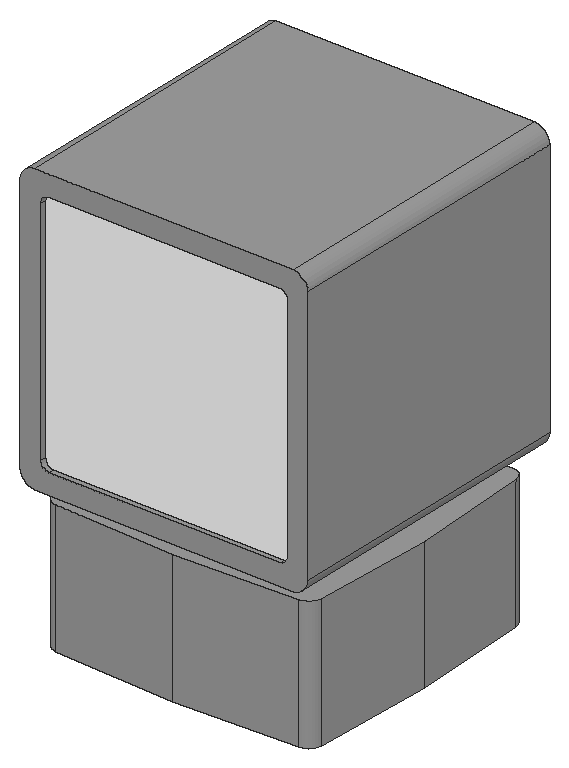
Revit family "3081085", category Lighting Fixtures, host Face, Revit 2018
Family settings
  Host = Face
  Round Connector Dimension = Use Diameter
  Part Type = Normal
  Cut with Voids When Loaded = No
  Light Source = Yes
  Shared = No
  Room Calculation Point = No
Parameters (values of type "3081085 INVERTO DIRECT WW EB BLACK")
  Weight = "n/a"
  Wattage Comments = "n/a"
  Wattage = 16 W
  WarrantyStartDate [instance] = "n/a"
  WarrantyGuarantorParts = "n/a"
  WarrantyDurationUnit = "n/a"
  WarrantyDurationParts = ""
  WarrantyDescription = "http://www.sylvania-lighting.com"
  built-in parameter 1150110 = 1 (stored number, unit not read)
  Voltage = 230 V
  URL = "0.95"
  TypeName = "Inverto Direct WW EB BLACK"
  Type Image = <None>
  Type Comments = "n/a"
  built-in parameter 1114217 = 1 (stored number, unit not read)
  Tilt Angle = -90.00°
  built-in parameter 1150109 = 1 (stored number, unit not read)
  built-in parameter 1150134 = 12
  built-in parameter 1150113 = 1 (stored number, unit not read)
  SerialNumber [instance] = "n/a"
  PowerFactor = 0
  PowerConsumption = "Lighting"
  Photometric Web File = "3081085.ies"
  NominalLength = 110 mm
  NominalHeight = 110 mm
  NominalDepth = 110 mm
  Name = "Inverto Direct WW EB BLACK"
  ModelReference = "Inverto Direct WW EB BLACK"
  ModelNumber = "3081085"
  Model = "Inverto Direct WW EB BLACK"
  Material = "Feilo Sylvania"
  ManufacturerName = "98 lm/W"
  Manufacturer = ""
  LuminousEfficacy = ""
  built-in parameter 1150105 = 129.87 (stored number, unit not read)
  Lumens = 1632 lm
  LuminaireType = "0"
  built-in parameter 1150115 = 1 (stored number, unit not read)
  LightOutputRatio = "LED"
  built-in parameter 1150137 = (empty or 0)
  built-in parameter 1150139 = (empty or 0)
  LampsType = Lamp  # "n/a"
  LampNominalLuminous = "3000 K"
  LampMacAdamStep = "80"
  LampColourTemperature = "LED"
  LampColourRenderingIndex = "16500"
  built-in parameter 1150112 = 1 (stored number, unit not read)
  built-in parameter 1150114 = 1 (stored number, unit not read)
  Lamp = "n/a"
  Keynote = "n/a"
  InstallationDate [instance] = "n/a"
  InputVoltage = "0"
  InputNominalFrequency = "3000"
  built-in parameter 1150132 = 2
  built-in parameter 1150102 = (empty or 0)
  built-in parameter 1150107 = 4000 (stored number, unit not read)
  built-in parameter 1150138 = (empty or 0)
  IngressProtection = "IfcLightFixtureType"
  ImpactProtectionIndex = "IfcLightFixtureType"
  built-in parameter 1150106 = 1.2987 (stored number, unit not read)
  IfcExportType = "IfcLightFixtureType"
  IfcExportAs = "Class II"
  Housing material = Default
  ExpectedLife = 50000
  Emit from Rectangle Width = 90 mm
  Emit from Rectangle Length = 90 mm
  Emit Shape Visible in Rendering = no
  ElectricShockClassification = "98"
  built-in parameter 1150104 = 9.4761 (stored number, unit not read)
  DurationUnit = "hours"
  DocumentationLiterature = "http://www.sylvania-lighting.com/product/en-int/products/3081085"
  DimmingControlOptions = "n/a"
  Dimming Lamp Color Temperature Shift = <None>
  Description = "Surface Wall mounted luminaire, wire to base with pluggable connection for easy installation,  suitable for looping, black coloured aluminium housing, 1,566lm, 16W, 98lm/W, 3000K, 350mA , CRI:80,  40° beam Angle, non-dimmable, IP65, IK07, lifespan: 60,000hrs (L80:B20),  162 x 110 x 110 mm."
  Default Elevation = 1219.2 mm
  CreatedOn = "23/03/2022"
  CreatedBy = "@sylvania-lighting.com"
  Cost = 0
  Color Filter = 16777215
  built-in parameter 1114216 [instance] = (empty or 0)
  Calculate Coefficient of Utilization = no
  BarCode [instance] = "n/a"
  built-in parameter 1114218 = 1 (stored number, unit not read)
  built-in parameter 1150133 = 10 (stored number, unit not read)
  AssetType = "Fixed"
  AssetIdentifier [instance] = "n/a"
  Assembly Code = "D5020200"
  Apparent Load = 16 VA
Reference planes
  plane 1 "Center (Front/Back)": y = 0
  plane 2: z = 0
  plane 3 "Center (Left/Right)": x = 0
  plane 4: x = 51
  plane 5: x = -51
  plane 6: y = -51
  plane 7: y = 51
  plane 8: x = -55
  plane 9: x = 55
  plane 10: y = 55
  plane 11: y = -55
  plane 12: z = 48
  plane 13: z = 162
  plane 14: z = 52
  plane 15: y = -40
  plane 16: y = 40
  plane 17: x = -40
  plane 18: x = 40
  plane 19: z = 62
  plane 20: z = 152
  plane 21: x = -45
  plane 22: x = 45
  plane 23: y = 48.5
  plane 24: x = -48.5
  plane 25: x = 48.5
  plane 26: y = -48.5
  plane 27: z = 107
  plane 28: z = 159
  plane 29: x = -52
  plane 30: z = 55
  plane 31: x = 52
Forms (mm)
  Extrusion 1, solid, material "Default", detail levels medium+fine
    sketch origin (0, 0, 0) x (0, 1, 0) y (0, 0, 1)
      loop
        line (-51, 48) -> (-51, 0) -> (51, 0) -> (51, 48) -> (-51, 48)
    from -51 to 51
  Extrusion 2, solid, material "Default", detail levels medium+fine
    sketch origin (0, 0, 0) x (0, 1, 0) y (0, 0, 1)
      loop
        line (-40, 48) -> (40, 48) -> (40, 55) -> (-40, 55) -> (-40, 48)
    from -40 to 40
  Extrusion 3, void, detail levels medium+fine
    sketch origin (0, 0, 0) x (1, 0, 0) y (0, 1, 0)
      loop
        arc (-44.399, 48.906) -> (-22.224, 50.476) -> (0, 51) r 471.7
        line (0, 51) -> (-51, 51) -> (-51, 0)
        arc (-51, 0) -> (-50.476, 22.224) -> (-48.906, 44.399) r 471.7
        arc (-48.906, 44.399) -> (-47.464, 47.464) -> (-44.399, 48.906) r 5
    from 0 to 48
  Extrusion 4, void, detail levels medium+fine
    sketch origin (0, 0, 0) x (-1, 0, 0) y (0, -1, 0)
      loop
        arc (-44.399, -48.906) -> (-47.464, -47.464) -> (-48.906, -44.399) r 5
        arc (-48.906, -44.399) -> (-50.476, -22.224) -> (-51, 0) r 471.7
        line (-51, 0) -> (-51, -51) -> (0, -51)
        arc (0, -51) -> (-22.224, -50.476) -> (-44.399, -48.906) r 471.7
    from 0 to 48
  Extrusion 5, void, detail levels medium+fine
    sketch origin (0, 0, 0) x (1, 0, 0) y (0, 1, 0)
      loop
        arc (-44.399, -48.906) -> (-47.464, -47.464) -> (-48.906, -44.399) r 5
        arc (-48.906, -44.399) -> (-50.476, -22.224) -> (-51, 0) r 471.7
        line (-51, 0) -> (-51, -51) -> (0, -51)
        arc (0, -51) -> (-22.224, -50.476) -> (-44.399, -48.906) r 471.7
    from 0 to 48
  Extrusion 6, void, detail levels medium+fine
    sketch origin (0, 0, 0) x (-1, 0, 0) y (0, -1, 0)
      loop
        arc (-44.399, 48.906) -> (-22.224, 50.476) -> (0, 51) r 471.7
        line (0, 51) -> (-51, 51) -> (-51, 0)
        arc (-51, 0) -> (-50.476, 22.224) -> (-48.906, 44.399) r 471.7
        arc (-48.906, 44.399) -> (-47.464, 47.464) -> (-44.399, 48.906) r 5
    from 0 to 48
  Extrusion 7, solid, material "Default", detail levels medium+fine
    sketch origin (0, 0, 0) x (1, 0, 0) y (0, 0, 1)
      loop
        arc (-47.19, 159.531) -> (-50.806, 157.806) -> (-52.531, 154.19) r 6
        arc (-52.531, 154.19) -> (-55, 107) -> (-52.531, 59.81) r 452.167
        arc (-52.531, 59.81) -> (-50.806, 56.194) -> (-47.19, 54.469) r 6
        arc (-47.19, 54.469) -> (0, 52) -> (47.19, 54.469) r 452.167
        arc (47.19, 54.469) -> (50.806, 56.194) -> (52.531, 59.81) r 6
        arc (52.531, 59.81) -> (55, 107) -> (52.531, 154.19) r 452.167
        arc (52.531, 154.19) -> (50.806, 157.806) -> (47.19, 159.531) r 6
        arc (47.19, 159.531) -> (0, 162) -> (-47.19, 159.531) r 452.167
    from -55 to 55
  Extrusion 8, solid, material "Default" <- "Housing material", detail levels coarse
    sketch origin (0, 0, 0) x (1, 0, 0) y (0, 0, 1)
      loop
        line (-55, 162) -> (-55, 52) -> (55, 52) -> (55, 162) -> (-55, 162)
    from -55 to 55
  Extrusion 9, void
    sketch origin (1524, -55, 1219.2) x (-1, 0, 0) y (0, 0, 1)
      loop
        line (1566, -1067.2) -> (1482, -1067.2)
        arc (1482, -1067.2) -> (1479.879, -1068.079) -> (1479, -1070.2) r 3
        line (1479, -1070.2) -> (1479, -1154.2)
        arc (1479, -1154.2) -> (1479.879, -1156.321) -> (1482, -1157.2) r 3
        line (1482, -1157.2) -> (1566, -1157.2)
        arc (1566, -1157.2) -> (1568.121, -1156.321) -> (1569, -1154.2) r 3
        line (1569, -1154.2) -> (1569, -1070.2)
        arc (1569, -1070.2) -> (1568.121, -1068.079) -> (1566, -1067.2) r 3
    from 0 to 4
  Extrusion 10, solid, material "Diffuser-Sylvania-Glow"
    sketch origin (1524, -51, 1219.2) x (1, 0, 0) y (0, 0, 1)
      loop
        line (-1566, -1157.2) -> (-1482, -1157.2)
        arc (-1482, -1157.2) -> (-1479.879, -1156.321) -> (-1479, -1154.2) r 3
        line (-1479, -1154.2) -> (-1479, -1070.2)
        arc (-1479, -1070.2) -> (-1479.879, -1068.079) -> (-1482, -1067.2) r 3
        line (-1482, -1067.2) -> (-1566, -1067.2)
        arc (-1566, -1067.2) -> (-1568.121, -1068.079) -> (-1569, -1070.2) r 3
        line (-1569, -1070.2) -> (-1569, -1154.2)
        arc (-1569, -1154.2) -> (-1568.121, -1156.321) -> (-1566, -1157.2) r 3
    from 0 to 2
  Extrusion 11, solid, material "Default", detail levels coarse
    sketch origin (0, 0, 0) x (1, 0, 0) y (0, 1, 0)
      loop
        line (-51, 51) -> (-51, -51) -> (51, -51) -> (51, 51) -> (-51, 51)
    from 0 to 48
Cuts and joins
  Extrusion 3, Extrusion 4, Extrusion 5, Extrusion 6 cuts Extrusion 1
  Extrusion 9 cuts Extrusion 2
  Extrusion 9 cuts Extrusion 7
  joined: Extrusion 2, Extrusion 7
  Extrusion 9 cuts Extrusion 8
Dimensions and locks
  equal spacing: plane 5, plane 3 "Center (Left/Right)", plane 4
  locked: plane 5 to plane 4 at 102
  equal spacing: plane 6, plane 1 "Center (Front/Back)", plane 7
  locked: plane 6 to plane 7 at 102
  equal spacing: plane 11, plane 1 "Center (Front/Back)", plane 10
  locked: plane 11 to plane 10 at 110
  equal spacing: plane 8, plane 3 "Center (Left/Right)", plane 9
  locked: plane 8 to plane 9 at 110
  locked: plane 12 to plane 2 at 48
  locked: plane 12 to plane 14 at 4
  locked: plane 13 to plane 2 at 162
  equal spacing: plane 15, plane 1 "Center (Front/Back)", plane 16
  locked: plane 15 to plane 16 at 80
  equal spacing: plane 17, plane 3 "Center (Left/Right)", plane 18
  locked: plane 17 to plane 18 at 80
  locked: plane 19 to plane 14 at 10
  locked: plane 13 to plane 20 at 10
  locked: plane 21 to plane 8 at 10
  locked: plane 9 to plane 22 at 10
  plane 19 to plane 14 = 10 mm
  locked: plane 27 to plane 2 at 107
  locked: plane 29 to plane 8 at 3
  locked: plane 13 to plane 28 at 3
  locked: plane 9 to plane 31 at 3
  locked: plane 30 to plane 14 at 3
  aligned and locked: plane 2 to host face
  aligned and locked: level to host face
  aligned and locked: plane 12 to Extrusion 1 sketch curve
  aligned and locked: Extrusion 1 sketch curve to plane 6
  aligned and locked: level to Extrusion 1 sketch curve
  aligned and locked: plane 7 to Extrusion 1 sketch curve
  aligned and locked: plane 4 to Extrusion 1
  aligned and locked: Extrusion 1 to plane 5
  aligned and locked: plane 12 to Extrusion 2 sketch curve
  aligned and locked: plane 15 to Extrusion 2 sketch curve
  aligned and locked: Extrusion 2 sketch curve to plane 16
  aligned and locked: Extrusion 3 sketch curve to Extrusion 1
  aligned and locked: Extrusion 3 to level
  aligned and locked: Extrusion 3 to plane 12
  aligned and locked: Extrusion 7 to plane 10
  aligned and locked: plane 11 to Extrusion 7
  aligned and locked: Extrusion 2 to plane 30
  aligned and locked: plane 13 to Extrusion 8 sketch curve
  aligned and locked: Extrusion 8 sketch curve to plane 14
  aligned and locked: Extrusion 8 sketch curve to plane 9
  aligned and locked: plane 11 to Extrusion 8
  aligned and locked: Extrusion 8 to plane 10
  aligned and locked: Extrusion 9 sketch curve to plane 20
  aligned and locked: plane 19 to Extrusion 9 sketch curve
  aligned and locked: plane 11 to Extrusion 9
  aligned and locked: Extrusion 9 to plane 6
  aligned and locked: Extrusion 10 to plane 6
  aligned and locked: plane 22 to Extrusion 9 sketch curve
  aligned and locked: Extrusion 9 sketch curve to plane 21
  aligned and locked: plane 21 to Extrusion 10 sketch curve
  aligned and locked: Extrusion 10 sketch curve to plane 22
  aligned and locked: plane 7 to Extrusion 11 sketch curve
  aligned and locked: plane 5 to Extrusion 11 sketch curve
  aligned and locked: Extrusion 11 sketch curve to plane 6
  aligned and locked: Extrusion 11 sketch curve to plane 4
  aligned and locked: Extrusion 11 to level
  aligned and locked: Extrusion 11 to plane 12
  aligned and locked: imposter light to Extrusion 10
  aligned and locked: imposter light to plane 27
Automatic sketch dimensions
  host sketch curve to host sketch curve = 2438.4 mm  (x2)
  Extrusion 3 sketch curve to plane 3 "Center (Left/Right)" = 0 mm
  plane 1 "Center (Front/Back)" to Extrusion 3 sketch curve = 0 mm
  plane 7 to Extrusion 3 sketch curve = 0 mm
  plane 21 to Extrusion 3 sketch curve = 1.072 mm
  plane 9 to Extrusion 3 sketch curve = 365.7 mm
  plane 11 to Extrusion 3 sketch curve = 365.7 mm
  Extrusion 3 sketch curve to plane 16 = 3.928 mm
  Extrusion 3 sketch curve to Extrusion 3 sketch curve = 0 mm
  plane 1 "Center (Front/Back)" to Extrusion 4 sketch curve = 0 mm
  Extrusion 4 sketch curve to plane 4 = 0 mm
  Extrusion 4 sketch curve to plane 3 "Center (Left/Right)" = 0 mm
  plane 7 to Extrusion 4 sketch curve = 0 mm
  plane 22 to Extrusion 4 sketch curve = 1.072 mm
  plane 8 to Extrusion 4 sketch curve = 365.7 mm
  Extrusion 4 sketch curve to plane 11 = 365.7 mm
  plane 16 to Extrusion 4 sketch curve = 3.928 mm
  Extrusion 4 sketch curve to Extrusion 4 sketch curve = 0 mm
  plane 1 "Center (Front/Back)" to Extrusion 5 sketch curve = 0 mm
  Extrusion 5 sketch curve to plane 5 = 0 mm
  Extrusion 5 sketch curve to plane 3 "Center (Left/Right)" = 0 mm
  plane 6 to Extrusion 5 sketch curve = 0 mm
  Extrusion 5 sketch curve to plane 21 = 1.072 mm
  Extrusion 5 sketch curve to plane 9 = 365.7 mm
  plane 10 to Extrusion 5 sketch curve = 365.7 mm
  Extrusion 5 sketch curve to plane 15 = 3.928 mm
  Extrusion 5 sketch curve to Extrusion 5 sketch curve = 0 mm
  plane 1 "Center (Front/Back)" to Extrusion 6 sketch curve = 0 mm
  Extrusion 6 sketch curve to plane 4 = 0 mm
  Extrusion 6 sketch curve to plane 3 "Center (Left/Right)" = 0 mm
  plane 6 to Extrusion 6 sketch curve = 0 mm
  Extrusion 6 sketch curve to plane 22 = 1.072 mm
  Extrusion 6 sketch curve to plane 8 = 365.7 mm
  Extrusion 6 sketch curve to plane 10 = 365.7 mm
  plane 15 to Extrusion 6 sketch curve = 3.928 mm
  Extrusion 6 sketch curve to Extrusion 6 sketch curve = 0 mm
  Extrusion 7 sketch curve to plane 27 = 0 mm  (x2)
  Extrusion 7 sketch curve to plane 3 "Center (Left/Right)" = 0 mm  (x2)
  Extrusion 7 sketch curve to plane 8 = 342.167 mm
  Extrusion 7 sketch curve to plane 21 = 1.564 mm
  Extrusion 7 sketch curve to plane 17 = 6.564 mm
  plane 18 to Extrusion 7 sketch curve = 6.564 mm  (x2)
  plane 9 to Extrusion 7 sketch curve = 342.167 mm
  plane 19 to Extrusion 7 sketch curve = 1.564 mm  (x2)
  Extrusion 7 sketch curve to level = 290.167 mm
  Extrusion 7 sketch curve to plane 20 = 1.564 mm  (x2)
  Extrusion 7 sketch curve to plane 13 = 342.167 mm
  Extrusion 7 sketch curve to Extrusion 7 sketch curve = 0 mm  (x7)
  Extrusion 7 sketch curve to plane 29 = 0.531 mm
  Extrusion 2 sketch curve to plane 14 = 3 mm
  Extrusion 8 sketch curve to plane 8 = 0 mm
  plane 18 to Extrusion 9 sketch curve = 2 mm  (x2)
  Extrusion 9 sketch curve to plane 17 = 2 mm  (x2)
  Extrusion 10 sketch curve to plane 19 = 0 mm
  Extrusion 10 sketch curve to plane 20 = 0 mm
  Extrusion 10 sketch curve to plane 17 = 2 mm  (x2)
  plane 18 to Extrusion 10 sketch curve = 2 mm  (x2)
Connectors
  electrical at (0, 0, 0), driven by "Apparent Load"
    settings: index 1, voltage 230 V, apparent load 16 VA, apparent load phase1 0 VA, apparent load phase2 0 VA, apparent load phase3 0 VA, power factor 0, load classification "Lighting", number of poles 1, system type 30, power factor state 1, is connector primary yes, connector utility no, sub classification motor no, connector description ""
